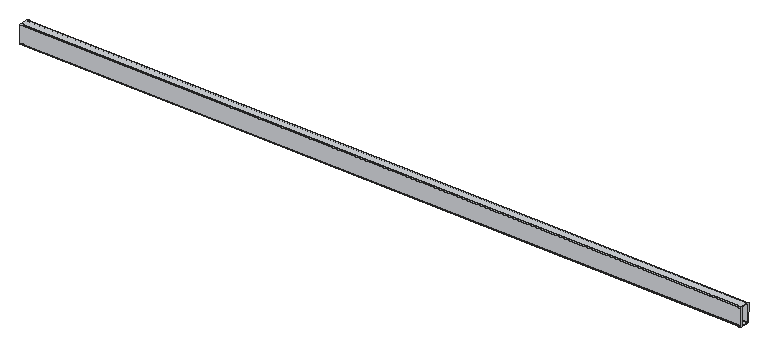
Revit family "CENTUM Profil XL 200 WST 8m L2D", category HLS-Bauteile, Revit 2023 (continued)
Nested families
  nested 274: "Langloch 14 x 65 2D" at (3640, 50, 150) x (-1, 0, 0) z (0, 1, 0), type "Langloch 14 x 65 2D", detail levels fine
  nested 275: "Langloch 14 x 65 2D" at (3640, 50, 50) x (-1, 0, 0) z (0, 1, 0), type "Langloch 14 x 65 2D", detail levels fine
  nested 276: "Langloch 14 x 65 2D" at (3640, 0, 0) x (-1, 0, 0) z (0, 0, -1), type "Langloch 14 x 65 2D", detail levels fine
  nested 277: "Langloch 14 x 65 2D" at (3720, 0, 200) x (-1, 0, 0) z (0, 0, 1), type "Langloch 14 x 65 2D", detail levels fine
  nested 278: "Langloch 14 x 65 2D" at (3720, -50, 150) x (-1, 0, 0) z (0, -1, 0), type "Langloch 14 x 65 2D", detail levels fine
  nested 279: "Langloch 14 x 65 2D" at (3720, -50, 50) x (-1, 0, 0) z (0, -1, 0), type "Langloch 14 x 65 2D", detail levels fine
  nested 280: "Langloch 14 x 65 2D" at (3720, 50, 150) x (-1, 0, 0) z (0, 1, 0), type "Langloch 14 x 65 2D", detail levels fine
  nested 281: "Langloch 14 x 65 2D" at (3720, 50, 50) x (-1, 0, 0) z (0, 1, 0), type "Langloch 14 x 65 2D", detail levels fine
  nested 282: "Langloch 14 x 65 2D" at (3720, 0, 0) x (-1, 0, 0) z (0, 0, -1), type "Langloch 14 x 65 2D", detail levels fine
  nested 283: "Langloch 14 x 65 2D" at (3800, 0, 200) x (-1, 0, 0) z (0, 0, 1), type "Langloch 14 x 65 2D", detail levels fine
  nested 284: "Langloch 14 x 65 2D" at (3800, -50, 150) x (-1, 0, 0) z (0, -1, 0), type "Langloch 14 x 65 2D", detail levels fine
  nested 285: "Langloch 14 x 65 2D" at (3800, -50, 50) x (-1, 0, 0) z (0, -1, 0), type "Langloch 14 x 65 2D", detail levels fine
  nested 286: "Langloch 14 x 65 2D" at (3800, 50, 150) x (-1, 0, 0) z (0, 1, 0), type "Langloch 14 x 65 2D", detail levels fine
  nested 287: "Langloch 14 x 65 2D" at (3800, 50, 50) x (-1, 0, 0) z (0, 1, 0), type "Langloch 14 x 65 2D", detail levels fine
  nested 288: "Langloch 14 x 65 2D" at (3800, 0, 0) x (-1, 0, 0) z (0, 0, -1), type "Langloch 14 x 65 2D", detail levels fine
  nested 289: "Langloch 14 x 65 2D" at (3880, 0, 200) x (-1, 0, 0) z (0, 0, 1), type "Langloch 14 x 65 2D", detail levels fine
  nested 290: "Langloch 14 x 65 2D" at (3880, -50, 150) x (-1, 0, 0) z (0, -1, 0), type "Langloch 14 x 65 2D", detail levels fine
  nested 291: "Langloch 14 x 65 2D" at (3880, -50, 50) x (-1, 0, 0) z (0, -1, 0), type "Langloch 14 x 65 2D", detail levels fine
  nested 292: "Langloch 14 x 65 2D" at (3880, 50, 150) x (-1, 0, 0) z (0, 1, 0), type "Langloch 14 x 65 2D", detail levels fine
  nested 293: "Langloch 14 x 65 2D" at (3880, 50, 50) x (-1, 0, 0) z (0, 1, 0), type "Langloch 14 x 65 2D", detail levels fine
  nested 294: "Langloch 14 x 65 2D" at (3880, 0, 0) x (-1, 0, 0) z (0, 0, -1), type "Langloch 14 x 65 2D", detail levels fine
  nested 295: "Langloch 14 x 65 2D" at (3960, 0, 200) x (-1, 0, 0) z (0, 0, 1), type "Langloch 14 x 65 2D", detail levels fine
  nested 296: "Langloch 14 x 65 2D" at (3960, -50, 150) x (-1, 0, 0) z (0, -1, 0), type "Langloch 14 x 65 2D", detail levels fine
  nested 297: "Langloch 14 x 65 2D" at (3960, -50, 50) x (-1, 0, 0) z (0, -1, 0), type "Langloch 14 x 65 2D", detail levels fine
  nested 298: "Langloch 14 x 65 2D" at (3960, 50, 150) x (-1, 0, 0) z (0, 1, 0), type "Langloch 14 x 65 2D", detail levels fine
  nested 299: "Langloch 14 x 65 2D" at (3960, 50, 50) x (-1, 0, 0) z (0, 1, 0), type "Langloch 14 x 65 2D", detail levels fine
  nested 300: "Langloch 14 x 65 2D" at (3960, 0, 0) x (-1, 0, 0) z (0, 0, -1), type "Langloch 14 x 65 2D", detail levels fine
  nested 301: "Langloch 14 x 65 2D" at (4040, 0, 200) x (-1, 0, 0) z (0, 0, 1), type "Langloch 14 x 65 2D", detail levels fine
  nested 302: "Langloch 14 x 65 2D" at (4040, -50, 150) x (-1, 0, 0) z (0, -1, 0), type "Langloch 14 x 65 2D", detail levels fine
  nested 303: "Langloch 14 x 65 2D" at (4040, -50, 50) x (-1, 0, 0) z (0, -1, 0), type "Langloch 14 x 65 2D", detail levels fine
  nested 304: "Langloch 14 x 65 2D" at (4040, 50, 150) x (-1, 0, 0) z (0, 1, 0), type "Langloch 14 x 65 2D", detail levels fine
  nested 305: "Langloch 14 x 65 2D" at (4040, 50, 50) x (-1, 0, 0) z (0, 1, 0), type "Langloch 14 x 65 2D", detail levels fine
  nested 306: "Langloch 14 x 65 2D" at (4040, 0, 0) x (-1, 0, 0) z (0, 0, -1), type "Langloch 14 x 65 2D", detail levels fine
  nested 307: "Langloch 14 x 65 2D" at (4120, 0, 200) x (-1, 0, 0) z (0, 0, 1), type "Langloch 14 x 65 2D", detail levels fine
  nested 308: "Langloch 14 x 65 2D" at (4120, -50, 150) x (-1, 0, 0) z (0, -1, 0), type "Langloch 14 x 65 2D", detail levels fine
  nested 309: "Langloch 14 x 65 2D" at (4120, -50, 50) x (-1, 0, 0) z (0, -1, 0), type "Langloch 14 x 65 2D", detail levels fine
  nested 310: "Langloch 14 x 65 2D" at (4120, 50, 150) x (-1, 0, 0) z (0, 1, 0), type "Langloch 14 x 65 2D", detail levels fine
  nested 311: "Langloch 14 x 65 2D" at (4120, 50, 50) x (-1, 0, 0) z (0, 1, 0), type "Langloch 14 x 65 2D", detail levels fine
  nested 312: "Langloch 14 x 65 2D" at (4120, 0, 0) x (-1, 0, 0) z (0, 0, -1), type "Langloch 14 x 65 2D", detail levels fine
  nested 313: "Langloch 14 x 65 2D" at (4200, 0, 200) x (-1, 0, 0) z (0, 0, 1), type "Langloch 14 x 65 2D", detail levels fine
  nested 314: "Langloch 14 x 65 2D" at (4200, -50, 150) x (-1, 0, 0) z (0, -1, 0), type "Langloch 14 x 65 2D", detail levels fine
  nested 315: "Langloch 14 x 65 2D" at (4200, -50, 50) x (-1, 0, 0) z (0, -1, 0), type "Langloch 14 x 65 2D", detail levels fine
  nested 316: "Langloch 14 x 65 2D" at (4200, 50, 150) x (-1, 0, 0) z (0, 1, 0), type "Langloch 14 x 65 2D", detail levels fine
  nested 317: "Langloch 14 x 65 2D" at (4200, 50, 50) x (-1, 0, 0) z (0, 1, 0), type "Langloch 14 x 65 2D", detail levels fine
  nested 318: "Langloch 14 x 65 2D" at (4200, 0, 0) x (-1, 0, 0) z (0, 0, -1), type "Langloch 14 x 65 2D", detail levels fine
  nested 319: "Langloch 14 x 65 2D" at (4280, 0, 200) x (-1, 0, 0) z (0, 0, 1), type "Langloch 14 x 65 2D", detail levels fine
  nested 320: "Langloch 14 x 65 2D" at (4280, -50, 150) x (-1, 0, 0) z (0, -1, 0), type "Langloch 14 x 65 2D", detail levels fine
  nested 321: "Langloch 14 x 65 2D" at (4280, -50, 50) x (-1, 0, 0) z (0, -1, 0), type "Langloch 14 x 65 2D", detail levels fine
  nested 322: "Langloch 14 x 65 2D" at (4280, 50, 150) x (-1, 0, 0) z (0, 1, 0), type "Langloch 14 x 65 2D", detail levels fine
  nested 323: "Langloch 14 x 65 2D" at (4280, 50, 50) x (-1, 0, 0) z (0, 1, 0), type "Langloch 14 x 65 2D", detail levels fine
  nested 324: "Langloch 14 x 65 2D" at (4280, 0, 0) x (-1, 0, 0) z (0, 0, -1), type "Langloch 14 x 65 2D", detail levels fine
  nested 325: "Langloch 14 x 65 2D" at (4360, 0, 200) x (-1, 0, 0) z (0, 0, 1), type "Langloch 14 x 65 2D", detail levels fine
  nested 326: "Langloch 14 x 65 2D" at (4360, -50, 150) x (-1, 0, 0) z (0, -1, 0), type "Langloch 14 x 65 2D", detail levels fine
  nested 327: "Langloch 14 x 65 2D" at (4360, -50, 50) x (-1, 0, 0) z (0, -1, 0), type "Langloch 14 x 65 2D", detail levels fine
  nested 328: "Langloch 14 x 65 2D" at (4360, 50, 150) x (-1, 0, 0) z (0, 1, 0), type "Langloch 14 x 65 2D", detail levels fine
  nested 329: "Langloch 14 x 65 2D" at (4360, 50, 50) x (-1, 0, 0) z (0, 1, 0), type "Langloch 14 x 65 2D", detail levels fine
  nested 330: "Langloch 14 x 65 2D" at (4360, 0, 0) x (-1, 0, 0) z (0, 0, -1), type "Langloch 14 x 65 2D", detail levels fine
  nested 331: "Langloch 14 x 65 2D" at (4440, 0, 200) x (-1, 0, 0) z (0, 0, 1), type "Langloch 14 x 65 2D", detail levels fine
  nested 332: "Langloch 14 x 65 2D" at (4440, -50, 150) x (-1, 0, 0) z (0, -1, 0), type "Langloch 14 x 65 2D", detail levels fine
  nested 333: "Langloch 14 x 65 2D" at (4440, -50, 50) x (-1, 0, 0) z (0, -1, 0), type "Langloch 14 x 65 2D", detail levels fine
  nested 334: "Langloch 14 x 65 2D" at (4440, 50, 150) x (-1, 0, 0) z (0, 1, 0), type "Langloch 14 x 65 2D", detail levels fine
  nested 335: "Langloch 14 x 65 2D" at (4440, 50, 50) x (-1, 0, 0) z (0, 1, 0), type "Langloch 14 x 65 2D", detail levels fine
  nested 336: "Langloch 14 x 65 2D" at (4440, 0, 0) x (-1, 0, 0) z (0, 0, -1), type "Langloch 14 x 65 2D", detail levels fine
  nested 337: "Langloch 14 x 65 2D" at (4520, 0, 200) x (-1, 0, 0) z (0, 0, 1), type "Langloch 14 x 65 2D", detail levels fine
  nested 338: "Langloch 14 x 65 2D" at (4520, -50, 150) x (-1, 0, 0) z (0, -1, 0), type "Langloch 14 x 65 2D", detail levels fine
  nested 339: "Langloch 14 x 65 2D" at (4520, -50, 50) x (-1, 0, 0) z (0, -1, 0), type "Langloch 14 x 65 2D", detail levels fine
  nested 340: "Langloch 14 x 65 2D" at (4520, 50, 150) x (-1, 0, 0) z (0, 1, 0), type "Langloch 14 x 65 2D", detail levels fine
  nested 341: "Langloch 14 x 65 2D" at (4520, 50, 50) x (-1, 0, 0) z (0, 1, 0), type "Langloch 14 x 65 2D", detail levels fine
  nested 342: "Langloch 14 x 65 2D" at (4520, 0, 0) x (-1, 0, 0) z (0, 0, -1), type "Langloch 14 x 65 2D", detail levels fine
  nested 343: "Langloch 14 x 65 2D" at (4600, 0, 200) x (-1, 0, 0) z (0, 0, 1), type "Langloch 14 x 65 2D", detail levels fine
  nested 344: "Langloch 14 x 65 2D" at (4600, -50, 150) x (-1, 0, 0) z (0, -1, 0), type "Langloch 14 x 65 2D", detail levels fine
  nested 345: "Langloch 14 x 65 2D" at (4600, -50, 50) x (-1, 0, 0) z (0, -1, 0), type "Langloch 14 x 65 2D", detail levels fine
  nested 346: "Langloch 14 x 65 2D" at (4600, 50, 150) x (-1, 0, 0) z (0, 1, 0), type "Langloch 14 x 65 2D", detail levels fine
  nested 347: "Langloch 14 x 65 2D" at (4600, 50, 50) x (-1, 0, 0) z (0, 1, 0), type "Langloch 14 x 65 2D", detail levels fine
  nested 348: "Langloch 14 x 65 2D" at (4600, 0, 0) x (-1, 0, 0) z (0, 0, -1), type "Langloch 14 x 65 2D", detail levels fine
  nested 349: "Langloch 14 x 65 2D" at (4680, 0, 200) x (-1, 0, 0) z (0, 0, 1), type "Langloch 14 x 65 2D", detail levels fine
  nested 350: "Langloch 14 x 65 2D" at (4680, -50, 150) x (-1, 0, 0) z (0, -1, 0), type "Langloch 14 x 65 2D", detail levels fine
  nested 351: "Langloch 14 x 65 2D" at (4680, -50, 50) x (-1, 0, 0) z (0, -1, 0), type "Langloch 14 x 65 2D", detail levels fine
  nested 352: "Langloch 14 x 65 2D" at (4680, 50, 150) x (-1, 0, 0) z (0, 1, 0), type "Langloch 14 x 65 2D", detail levels fine
  nested 353: "Langloch 14 x 65 2D" at (4680, 50, 50) x (-1, 0, 0) z (0, 1, 0), type "Langloch 14 x 65 2D", detail levels fine
  nested 354: "Langloch 14 x 65 2D" at (4680, 0, 0) x (-1, 0, 0) z (0, 0, -1), type "Langloch 14 x 65 2D", detail levels fine
  nested 355: "Langloch 14 x 65 2D" at (4760, 0, 200) x (-1, 0, 0) z (0, 0, 1), type "Langloch 14 x 65 2D", detail levels fine
  nested 356: "Langloch 14 x 65 2D" at (4760, -50, 150) x (-1, 0, 0) z (0, -1, 0), type "Langloch 14 x 65 2D", detail levels fine
  nested 357: "Langloch 14 x 65 2D" at (4760, -50, 50) x (-1, 0, 0) z (0, -1, 0), type "Langloch 14 x 65 2D", detail levels fine
  nested 358: "Langloch 14 x 65 2D" at (4760, 50, 150) x (-1, 0, 0) z (0, 1, 0), type "Langloch 14 x 65 2D", detail levels fine
  nested 359: "Langloch 14 x 65 2D" at (4760, 50, 50) x (-1, 0, 0) z (0, 1, 0), type "Langloch 14 x 65 2D", detail levels fine
  nested 360: "Langloch 14 x 65 2D" at (4760, 0, 0) x (-1, 0, 0) z (0, 0, -1), type "Langloch 14 x 65 2D", detail levels fine
  nested 361: "Langloch 14 x 65 2D" at (4840, 0, 200) x (-1, 0, 0) z (0, 0, 1), type "Langloch 14 x 65 2D", detail levels fine
  nested 362: "Langloch 14 x 65 2D" at (4840, -50, 150) x (-1, 0, 0) z (0, -1, 0), type "Langloch 14 x 65 2D", detail levels fine
  nested 363: "Langloch 14 x 65 2D" at (4840, -50, 50) x (-1, 0, 0) z (0, -1, 0), type "Langloch 14 x 65 2D", detail levels fine
  nested 364: "Langloch 14 x 65 2D" at (4840, 50, 150) x (-1, 0, 0) z (0, 1, 0), type "Langloch 14 x 65 2D", detail levels fine
  nested 365: "Langloch 14 x 65 2D" at (4840, 50, 50) x (-1, 0, 0) z (0, 1, 0), type "Langloch 14 x 65 2D", detail levels fine
  nested 366: "Langloch 14 x 65 2D" at (4840, 0, 0) x (-1, 0, 0) z (0, 0, -1), type "Langloch 14 x 65 2D", detail levels fine
  nested 367: "Langloch 14 x 65 2D" at (4920, 0, 200) x (-1, 0, 0) z (0, 0, 1), type "Langloch 14 x 65 2D", detail levels fine
  nested 368: "Langloch 14 x 65 2D" at (4920, -50, 150) x (-1, 0, 0) z (0, -1, 0), type "Langloch 14 x 65 2D", detail levels fine
  nested 369: "Langloch 14 x 65 2D" at (4920, -50, 50) x (-1, 0, 0) z (0, -1, 0), type "Langloch 14 x 65 2D", detail levels fine
  nested 370: "Langloch 14 x 65 2D" at (4920, 50, 150) x (-1, 0, 0) z (0, 1, 0), type "Langloch 14 x 65 2D", detail levels fine
  nested 371: "Langloch 14 x 65 2D" at (4920, 50, 50) x (-1, 0, 0) z (0, 1, 0), type "Langloch 14 x 65 2D", detail levels fine
  nested 372: "Langloch 14 x 65 2D" at (4920, 0, 0) x (-1, 0, 0) z (0, 0, -1), type "Langloch 14 x 65 2D", detail levels fine
  nested 373: "Langloch 14 x 65 2D" at (5000, 0, 200) x (-1, 0, 0) z (0, 0, 1), type "Langloch 14 x 65 2D", detail levels fine
  nested 374: "Langloch 14 x 65 2D" at (5000, -50, 150) x (-1, 0, 0) z (0, -1, 0), type "Langloch 14 x 65 2D", detail levels fine
  nested 375: "Langloch 14 x 65 2D" at (5000, -50, 50) x (-1, 0, 0) z (0, -1, 0), type "Langloch 14 x 65 2D", detail levels fine
  nested 376: "Langloch 14 x 65 2D" at (5000, 50, 150) x (-1, 0, 0) z (0, 1, 0), type "Langloch 14 x 65 2D", detail levels fine
  nested 377: "Langloch 14 x 65 2D" at (5000, 50, 50) x (-1, 0, 0) z (0, 1, 0), type "Langloch 14 x 65 2D", detail levels fine
  nested 378: "Langloch 14 x 65 2D" at (5000, 0, 0) x (-1, 0, 0) z (0, 0, -1), type "Langloch 14 x 65 2D", detail levels fine
  nested 379: "Langloch 14 x 65 2D" at (5080, 0, 200) x (-1, 0, 0) z (0, 0, 1), type "Langloch 14 x 65 2D", detail levels fine
  nested 380: "Langloch 14 x 65 2D" at (5080, -50, 150) x (-1, 0, 0) z (0, -1, 0), type "Langloch 14 x 65 2D", detail levels fine
  nested 381: "Langloch 14 x 65 2D" at (5080, -50, 50) x (-1, 0, 0) z (0, -1, 0), type "Langloch 14 x 65 2D", detail levels fine
  nested 382: "Langloch 14 x 65 2D" at (5080, 50, 150) x (-1, 0, 0) z (0, 1, 0), type "Langloch 14 x 65 2D", detail levels fine
  nested 383: "Langloch 14 x 65 2D" at (5080, 50, 50) x (-1, 0, 0) z (0, 1, 0), type "Langloch 14 x 65 2D", detail levels fine
  nested 384: "Langloch 14 x 65 2D" at (5080, 0, 0) x (-1, 0, 0) z (0, 0, -1), type "Langloch 14 x 65 2D", detail levels fine
  nested 385: "Langloch 14 x 65 2D" at (5160, 0, 200) x (-1, 0, 0) z (0, 0, 1), type "Langloch 14 x 65 2D", detail levels fine
  nested 386: "Langloch 14 x 65 2D" at (5160, -50, 150) x (-1, 0, 0) z (0, -1, 0), type "Langloch 14 x 65 2D", detail levels fine
  nested 387: "Langloch 14 x 65 2D" at (5160, -50, 50) x (-1, 0, 0) z (0, -1, 0), type "Langloch 14 x 65 2D", detail levels fine
  nested 388: "Langloch 14 x 65 2D" at (5160, 50, 150) x (-1, 0, 0) z (0, 1, 0), type "Langloch 14 x 65 2D", detail levels fine
  nested 389: "Langloch 14 x 65 2D" at (5160, 50, 50) x (-1, 0, 0) z (0, 1, 0), type "Langloch 14 x 65 2D", detail levels fine
  nested 390: "Langloch 14 x 65 2D" at (5160, 0, 0) x (-1, 0, 0) z (0, 0, -1), type "Langloch 14 x 65 2D", detail levels fine
  nested 391: "Langloch 14 x 65 2D" at (5240, 0, 200) x (-1, 0, 0) z (0, 0, 1), type "Langloch 14 x 65 2D", detail levels fine
  nested 392: "Langloch 14 x 65 2D" at (5240, -50, 150) x (-1, 0, 0) z (0, -1, 0), type "Langloch 14 x 65 2D", detail levels fine
  nested 393: "Langloch 14 x 65 2D" at (5240, -50, 50) x (-1, 0, 0) z (0, -1, 0), type "Langloch 14 x 65 2D", detail levels fine
  nested 394: "Langloch 14 x 65 2D" at (5240, 50, 150) x (-1, 0, 0) z (0, 1, 0), type "Langloch 14 x 65 2D", detail levels fine
  nested 395: "Langloch 14 x 65 2D" at (5240, 50, 50) x (-1, 0, 0) z (0, 1, 0), type "Langloch 14 x 65 2D", detail levels fine
  nested 396: "Langloch 14 x 65 2D" at (5240, 0, 0) x (-1, 0, 0) z (0, 0, -1), type "Langloch 14 x 65 2D", detail levels fine
  nested 397: "Langloch 14 x 65 2D" at (5320, 0, 200) x (-1, 0, 0) z (0, 0, 1), type "Langloch 14 x 65 2D", detail levels fine
  nested 398: "Langloch 14 x 65 2D" at (5320, -50, 150) x (-1, 0, 0) z (0, -1, 0), type "Langloch 14 x 65 2D", detail levels fine
  nested 399: "Langloch 14 x 65 2D" at (5320, -50, 50) x (-1, 0, 0) z (0, -1, 0), type "Langloch 14 x 65 2D", detail levels fine
  nested 400: "Langloch 14 x 65 2D" at (5320, 50, 150) x (-1, 0, 0) z (0, 1, 0), type "Langloch 14 x 65 2D", detail levels fine
  nested 401: "Langloch 14 x 65 2D" at (5320, 50, 50) x (-1, 0, 0) z (0, 1, 0), type "Langloch 14 x 65 2D", detail levels fine
  nested 402: "Langloch 14 x 65 2D" at (5320, 0, 0) x (-1, 0, 0) z (0, 0, -1), type "Langloch 14 x 65 2D", detail levels fine
  nested 403: "Langloch 14 x 65 2D" at (5400, 0, 200) x (-1, 0, 0) z (0, 0, 1), type "Langloch 14 x 65 2D", detail levels fine
  nested 404: "Langloch 14 x 65 2D" at (5400, -50, 150) x (-1, 0, 0) z (0, -1, 0), type "Langloch 14 x 65 2D", detail levels fine
  nested 405: "Langloch 14 x 65 2D" at (5400, -50, 50) x (-1, 0, 0) z (0, -1, 0), type "Langloch 14 x 65 2D", detail levels fine
  nested 406: "Langloch 14 x 65 2D" at (5400, 50, 150) x (-1, 0, 0) z (0, 1, 0), type "Langloch 14 x 65 2D", detail levels fine
  nested 407: "Langloch 14 x 65 2D" at (5400, 50, 50) x (-1, 0, 0) z (0, 1, 0), type "Langloch 14 x 65 2D", detail levels fine
  nested 408: "Langloch 14 x 65 2D" at (5400, 0, 0) x (-1, 0, 0) z (0, 0, -1), type "Langloch 14 x 65 2D", detail levels fine
  nested 409: "Langloch 14 x 65 2D" at (5480, 0, 200) x (-1, 0, 0) z (0, 0, 1), type "Langloch 14 x 65 2D", detail levels fine
  nested 410: "Langloch 14 x 65 2D" at (5480, -50, 150) x (-1, 0, 0) z (0, -1, 0), type "Langloch 14 x 65 2D", detail levels fine
  nested 411: "Langloch 14 x 65 2D" at (5480, -50, 50) x (-1, 0, 0) z (0, -1, 0), type "Langloch 14 x 65 2D", detail levels fine
  nested 412: "Langloch 14 x 65 2D" at (5480, 50, 150) x (-1, 0, 0) z (0, 1, 0), type "Langloch 14 x 65 2D", detail levels fine
  nested 413: "Langloch 14 x 65 2D" at (5480, 50, 50) x (-1, 0, 0) z (0, 1, 0), type "Langloch 14 x 65 2D", detail levels fine
  nested 414: "Langloch 14 x 65 2D" at (5480, 0, 0) x (-1, 0, 0) z (0, 0, -1), type "Langloch 14 x 65 2D", detail levels fine
  nested 415: "Langloch 14 x 65 2D" at (5560, 0, 200) x (-1, 0, 0) z (0, 0, 1), type "Langloch 14 x 65 2D", detail levels fine
  nested 416: "Langloch 14 x 65 2D" at (5560, -50, 150) x (-1, 0, 0) z (0, -1, 0), type "Langloch 14 x 65 2D", detail levels fine
  nested 417: "Langloch 14 x 65 2D" at (5560, -50, 50) x (-1, 0, 0) z (0, -1, 0), type "Langloch 14 x 65 2D", detail levels fine
  nested 418: "Langloch 14 x 65 2D" at (5560, 50, 150) x (-1, 0, 0) z (0, 1, 0), type "Langloch 14 x 65 2D", detail levels fine
  nested 419: "Langloch 14 x 65 2D" at (5560, 50, 50) x (-1, 0, 0) z (0, 1, 0), type "Langloch 14 x 65 2D", detail levels fine
  nested 420: "Langloch 14 x 65 2D" at (5560, 0, 0) x (-1, 0, 0) z (0, 0, -1), type "Langloch 14 x 65 2D", detail levels fine
  nested 421: "Langloch 14 x 65 2D" at (5640, 0, 200) x (-1, 0, 0) z (0, 0, 1), type "Langloch 14 x 65 2D", detail levels fine
  nested 422: "Langloch 14 x 65 2D" at (5640, -50, 150) x (-1, 0, 0) z (0, -1, 0), type "Langloch 14 x 65 2D", detail levels fine
  nested 423: "Langloch 14 x 65 2D" at (5640, -50, 50) x (-1, 0, 0) z (0, -1, 0), type "Langloch 14 x 65 2D", detail levels fine
  nested 424: "Langloch 14 x 65 2D" at (5640, 50, 150) x (-1, 0, 0) z (0, 1, 0), type "Langloch 14 x 65 2D", detail levels fine
  nested 425: "Langloch 14 x 65 2D" at (5640, 50, 50) x (-1, 0, 0) z (0, 1, 0), type "Langloch 14 x 65 2D", detail levels fine
  nested 426: "Langloch 14 x 65 2D" at (5640, 0, 0) x (-1, 0, 0) z (0, 0, -1), type "Langloch 14 x 65 2D", detail levels fine
  nested 427: "Langloch 14 x 65 2D" at (5720, 0, 200) x (-1, 0, 0) z (0, 0, 1), type "Langloch 14 x 65 2D", detail levels fine
  nested 428: "Langloch 14 x 65 2D" at (5720, -50, 150) x (-1, 0, 0) z (0, -1, 0), type "Langloch 14 x 65 2D", detail levels fine
  nested 429: "Langloch 14 x 65 2D" at (5720, -50, 50) x (-1, 0, 0) z (0, -1, 0), type "Langloch 14 x 65 2D", detail levels fine
  nested 430: "Langloch 14 x 65 2D" at (5720, 50, 150) x (-1, 0, 0) z (0, 1, 0), type "Langloch 14 x 65 2D", detail levels fine
  nested 431: "Langloch 14 x 65 2D" at (5720, 50, 50) x (-1, 0, 0) z (0, 1, 0), type "Langloch 14 x 65 2D", detail levels fine
  nested 432: "Langloch 14 x 65 2D" at (5720, 0, 0) x (-1, 0, 0) z (0, 0, -1), type "Langloch 14 x 65 2D", detail levels fine
  nested 433: "Langloch 14 x 65 2D" at (5800, 0, 200) x (-1, 0, 0) z (0, 0, 1), type "Langloch 14 x 65 2D", detail levels fine
  nested 434: "Langloch 14 x 65 2D" at (5800, -50, 150) x (-1, 0, 0) z (0, -1, 0), type "Langloch 14 x 65 2D", detail levels fine
  nested 435: "Langloch 14 x 65 2D" at (5800, -50, 50) x (-1, 0, 0) z (0, -1, 0), type "Langloch 14 x 65 2D", detail levels fine
  nested 436: "Langloch 14 x 65 2D" at (5800, 50, 150) x (-1, 0, 0) z (0, 1, 0), type "Langloch 14 x 65 2D", detail levels fine
  nested 437: "Langloch 14 x 65 2D" at (5800, 50, 50) x (-1, 0, 0) z (0, 1, 0), type "Langloch 14 x 65 2D", detail levels fine
  nested 438: "Langloch 14 x 65 2D" at (5800, 0, 0) x (-1, 0, 0) z (0, 0, -1), type "Langloch 14 x 65 2D", detail levels fine
  nested 439: "Langloch 14 x 65 2D" at (5880, 0, 200) x (-1, 0, 0) z (0, 0, 1), type "Langloch 14 x 65 2D", detail levels fine
  nested 440: "Langloch 14 x 65 2D" at (5880, -50, 150) x (-1, 0, 0) z (0, -1, 0), type "Langloch 14 x 65 2D", detail levels fine
  nested 441: "Langloch 14 x 65 2D" at (5880, -50, 50) x (-1, 0, 0) z (0, -1, 0), type "Langloch 14 x 65 2D", detail levels fine
  nested 442: "Langloch 14 x 65 2D" at (5880, 50, 150) x (-1, 0, 0) z (0, 1, 0), type "Langloch 14 x 65 2D", detail levels fine
  nested 443: "Langloch 14 x 65 2D" at (5880, 50, 50) x (-1, 0, 0) z (0, 1, 0), type "Langloch 14 x 65 2D", detail levels fine
  nested 444: "Langloch 14 x 65 2D" at (5880, 0, 0) x (-1, 0, 0) z (0, 0, -1), type "Langloch 14 x 65 2D", detail levels fine
  nested 445: "Langloch 14 x 65 2D" at (5960, 0, 200) x (-1, 0, 0) z (0, 0, 1), type "Langloch 14 x 65 2D", detail levels fine
  nested 446: "Langloch 14 x 65 2D" at (5960, -50, 150) x (-1, 0, 0) z (0, -1, 0), type "Langloch 14 x 65 2D", detail levels fine
  nested 447: "Langloch 14 x 65 2D" at (5960, -50, 50) x (-1, 0, 0) z (0, -1, 0), type "Langloch 14 x 65 2D", detail levels fine
  nested 448: "Langloch 14 x 65 2D" at (5960, 50, 150) x (-1, 0, 0) z (0, 1, 0), type "Langloch 14 x 65 2D", detail levels fine
  nested 449: "Langloch 14 x 65 2D" at (5960, 50, 50) x (-1, 0, 0) z (0, 1, 0), type "Langloch 14 x 65 2D", detail levels fine
  nested 450: "Langloch 14 x 65 2D" at (5960, 0, 0) x (-1, 0, 0) z (0, 0, -1), type "Langloch 14 x 65 2D", detail levels fine
  nested 451: "Langloch 14 x 65 2D" at (6040, 0, 200) x (-1, 0, 0) z (0, 0, 1), type "Langloch 14 x 65 2D", detail levels fine
  nested 452: "Langloch 14 x 65 2D" at (6040, -50, 150) x (-1, 0, 0) z (0, -1, 0), type "Langloch 14 x 65 2D", detail levels fine
  nested 453: "Langloch 14 x 65 2D" at (6040, -50, 50) x (-1, 0, 0) z (0, -1, 0), type "Langloch 14 x 65 2D", detail levels fine
  nested 454: "Langloch 14 x 65 2D" at (6040, 50, 150) x (-1, 0, 0) z (0, 1, 0), type "Langloch 14 x 65 2D", detail levels fine
  nested 455: "Langloch 14 x 65 2D" at (6040, 50, 50) x (-1, 0, 0) z (0, 1, 0), type "Langloch 14 x 65 2D", detail levels fine
  nested 456: "Langloch 14 x 65 2D" at (6040, 0, 0) x (-1, 0, 0) z (0, 0, -1), type "Langloch 14 x 65 2D", detail levels fine
  nested 457: "Langloch 14 x 65 2D" at (6120, 0, 200) x (-1, 0, 0) z (0, 0, 1), type "Langloch 14 x 65 2D", detail levels fine
  nested 458: "Langloch 14 x 65 2D" at (6120, -50, 150) x (-1, 0, 0) z (0, -1, 0), type "Langloch 14 x 65 2D", detail levels fine
  nested 459: "Langloch 14 x 65 2D" at (6120, -50, 50) x (-1, 0, 0) z (0, -1, 0), type "Langloch 14 x 65 2D", detail levels fine
  nested 460: "Langloch 14 x 65 2D" at (6120, 50, 150) x (-1, 0, 0) z (0, 1, 0), type "Langloch 14 x 65 2D", detail levels fine
  nested 461: "Langloch 14 x 65 2D" at (6120, 50, 50) x (-1, 0, 0) z (0, 1, 0), type "Langloch 14 x 65 2D", detail levels fine
  nested 462: "Langloch 14 x 65 2D" at (6120, 0, 0) x (-1, 0, 0) z (0, 0, -1), type "Langloch 14 x 65 2D", detail levels fine
  nested 463: "Langloch 14 x 65 2D" at (6200, 0, 200) x (-1, 0, 0) z (0, 0, 1), type "Langloch 14 x 65 2D", detail levels fine
  nested 464: "Langloch 14 x 65 2D" at (6200, -50, 150) x (-1, 0, 0) z (0, -1, 0), type "Langloch 14 x 65 2D", detail levels fine
  nested 465: "Langloch 14 x 65 2D" at (6200, -50, 50) x (-1, 0, 0) z (0, -1, 0), type "Langloch 14 x 65 2D", detail levels fine
  nested 466: "Langloch 14 x 65 2D" at (6200, 50, 150) x (-1, 0, 0) z (0, 1, 0), type "Langloch 14 x 65 2D", detail levels fine
  nested 467: "Langloch 14 x 65 2D" at (6200, 50, 50) x (-1, 0, 0) z (0, 1, 0), type "Langloch 14 x 65 2D", detail levels fine
  nested 468: "Langloch 14 x 65 2D" at (6200, 0, 0) x (-1, 0, 0) z (0, 0, -1), type "Langloch 14 x 65 2D", detail levels fine
  nested 469: "Langloch 14 x 65 2D" at (6280, 0, 200) x (-1, 0, 0) z (0, 0, 1), type "Langloch 14 x 65 2D", detail levels fine
  nested 470: "Langloch 14 x 65 2D" at (6280, -50, 150) x (-1, 0, 0) z (0, -1, 0), type "Langloch 14 x 65 2D", detail levels fine
  nested 471: "Langloch 14 x 65 2D" at (6280, -50, 50) x (-1, 0, 0) z (0, -1, 0), type "Langloch 14 x 65 2D", detail levels fine
  nested 472: "Langloch 14 x 65 2D" at (6280, 50, 150) x (-1, 0, 0) z (0, 1, 0), type "Langloch 14 x 65 2D", detail levels fine
  nested 473: "Langloch 14 x 65 2D" at (6280, 50, 50) x (-1, 0, 0) z (0, 1, 0), type "Langloch 14 x 65 2D", detail levels fine
  nested 474: "Langloch 14 x 65 2D" at (6280, 0, 0) x (-1, 0, 0) z (0, 0, -1), type "Langloch 14 x 65 2D", detail levels fine
  nested 475: "Langloch 14 x 65 2D" at (6360, 0, 200) x (-1, 0, 0) z (0, 0, 1), type "Langloch 14 x 65 2D", detail levels fine
  nested 476: "Langloch 14 x 65 2D" at (6360, -50, 150) x (-1, 0, 0) z (0, -1, 0), type "Langloch 14 x 65 2D", detail levels fine
  nested 477: "Langloch 14 x 65 2D" at (6360, -50, 50) x (-1, 0, 0) z (0, -1, 0), type "Langloch 14 x 65 2D", detail levels fine
  nested 478: "Langloch 14 x 65 2D" at (6360, 50, 150) x (-1, 0, 0) z (0, 1, 0), type "Langloch 14 x 65 2D", detail levels fine
  nested 479: "Langloch 14 x 65 2D" at (6360, 50, 50) x (-1, 0, 0) z (0, 1, 0), type "Langloch 14 x 65 2D", detail levels fine
  nested 480: "Langloch 14 x 65 2D" at (6360, 0, 0) x (-1, 0, 0) z (0, 0, -1), type "Langloch 14 x 65 2D", detail levels fine
  nested 481: "Langloch 14 x 65 2D" at (6440, 0, 200) x (-1, 0, 0) z (0, 0, 1), type "Langloch 14 x 65 2D", detail levels fine
  nested 482: "Langloch 14 x 65 2D" at (6440, -50, 150) x (-1, 0, 0) z (0, -1, 0), type "Langloch 14 x 65 2D", detail levels fine
  nested 483: "Langloch 14 x 65 2D" at (6440, -50, 50) x (-1, 0, 0) z (0, -1, 0), type "Langloch 14 x 65 2D", detail levels fine
  nested 484: "Langloch 14 x 65 2D" at (6440, 50, 150) x (-1, 0, 0) z (0, 1, 0), type "Langloch 14 x 65 2D", detail levels fine
  nested 485: "Langloch 14 x 65 2D" at (6440, 50, 50) x (-1, 0, 0) z (0, 1, 0), type "Langloch 14 x 65 2D", detail levels fine
  nested 486: "Langloch 14 x 65 2D" at (6440, 0, 0) x (-1, 0, 0) z (0, 0, -1), type "Langloch 14 x 65 2D", detail levels fine
  nested 487: "Langloch 14 x 65 2D" at (6520, 0, 200) x (-1, 0, 0) z (0, 0, 1), type "Langloch 14 x 65 2D", detail levels fine
  nested 488: "Langloch 14 x 65 2D" at (6520, -50, 150) x (-1, 0, 0) z (0, -1, 0), type "Langloch 14 x 65 2D", detail levels fine
  nested 489: "Langloch 14 x 65 2D" at (6520, -50, 50) x (-1, 0, 0) z (0, -1, 0), type "Langloch 14 x 65 2D", detail levels fine
  nested 490: "Langloch 14 x 65 2D" at (6520, 50, 150) x (-1, 0, 0) z (0, 1, 0), type "Langloch 14 x 65 2D", detail levels fine
  nested 491: "Langloch 14 x 65 2D" at (6520, 50, 50) x (-1, 0, 0) z (0, 1, 0), type "Langloch 14 x 65 2D", detail levels fine
  nested 492: "Langloch 14 x 65 2D" at (6520, 0, 0) x (-1, 0, 0) z (0, 0, -1), type "Langloch 14 x 65 2D", detail levels fine
  nested 493: "Langloch 14 x 65 2D" at (6600, 0, 200) x (-1, 0, 0) z (0, 0, 1), type "Langloch 14 x 65 2D", detail levels fine
  nested 494: "Langloch 14 x 65 2D" at (6600, -50, 150) x (-1, 0, 0) z (0, -1, 0), type "Langloch 14 x 65 2D", detail levels fine
  nested 495: "Langloch 14 x 65 2D" at (6600, -50, 50) x (-1, 0, 0) z (0, -1, 0), type "Langloch 14 x 65 2D", detail levels fine
  nested 496: "Langloch 14 x 65 2D" at (6600, 50, 150) x (-1, 0, 0) z (0, 1, 0), type "Langloch 14 x 65 2D", detail levels fine
  nested 497: "Langloch 14 x 65 2D" at (6600, 50, 50) x (-1, 0, 0) z (0, 1, 0), type "Langloch 14 x 65 2D", detail levels fine
  nested 498: "Langloch 14 x 65 2D" at (6600, 0, 0) x (-1, 0, 0) z (0, 0, -1), type "Langloch 14 x 65 2D", detail levels fine
  nested 499: "Langloch 14 x 65 2D" at (6680, 0, 200) x (-1, 0, 0) z (0, 0, 1), type "Langloch 14 x 65 2D", detail levels fine
  nested 500: "Langloch 14 x 65 2D" at (6680, -50, 150) x (-1, 0, 0) z (0, -1, 0), type "Langloch 14 x 65 2D", detail levels fine
  nested 501: "Langloch 14 x 65 2D" at (6680, -50, 50) x (-1, 0, 0) z (0, -1, 0), type "Langloch 14 x 65 2D", detail levels fine
  nested 502: "Langloch 14 x 65 2D" at (6680, 50, 150) x (-1, 0, 0) z (0, 1, 0), type "Langloch 14 x 65 2D", detail levels fine
  nested 503: "Langloch 14 x 65 2D" at (6680, 50, 50) x (-1, 0, 0) z (0, 1, 0), type "Langloch 14 x 65 2D", detail levels fine
  nested 504: "Langloch 14 x 65 2D" at (6680, 0, 0) x (-1, 0, 0) z (0, 0, -1), type "Langloch 14 x 65 2D", detail levels fine
  nested 505: "Langloch 14 x 65 2D" at (6760, 0, 200) x (-1, 0, 0) z (0, 0, 1), type "Langloch 14 x 65 2D", detail levels fine
  nested 506: "Langloch 14 x 65 2D" at (6760, -50, 150) x (-1, 0, 0) z (0, -1, 0), type "Langloch 14 x 65 2D", detail levels fine
  nested 507: "Langloch 14 x 65 2D" at (6760, -50, 50) x (-1, 0, 0) z (0, -1, 0), type "Langloch 14 x 65 2D", detail levels fine
  nested 508: "Langloch 14 x 65 2D" at (6760, 50, 150) x (-1, 0, 0) z (0, 1, 0), type "Langloch 14 x 65 2D", detail levels fine
  nested 509: "Langloch 14 x 65 2D" at (6760, 50, 50) x (-1, 0, 0) z (0, 1, 0), type "Langloch 14 x 65 2D", detail levels fine
  nested 510: "Langloch 14 x 65 2D" at (6760, 0, 0) x (-1, 0, 0) z (0, 0, -1), type "Langloch 14 x 65 2D", detail levels fine
  nested 511: "Langloch 14 x 65 2D" at (6840, 0, 200) x (-1, 0, 0) z (0, 0, 1), type "Langloch 14 x 65 2D", detail levels fine
  nested 512: "Langloch 14 x 65 2D" at (6840, -50, 150) x (-1, 0, 0) z (0, -1, 0), type "Langloch 14 x 65 2D", detail levels fine
  nested 513: "Langloch 14 x 65 2D" at (6840, -50, 50) x (-1, 0, 0) z (0, -1, 0), type "Langloch 14 x 65 2D", detail levels fine
  nested 514: "Langloch 14 x 65 2D" at (6840, 50, 150) x (-1, 0, 0) z (0, 1, 0), type "Langloch 14 x 65 2D", detail levels fine
  nested 515: "Langloch 14 x 65 2D" at (6840, 50, 50) x (-1, 0, 0) z (0, 1, 0), type "Langloch 14 x 65 2D", detail levels fine
  nested 516: "Langloch 14 x 65 2D" at (6840, 0, 0) x (-1, 0, 0) z (0, 0, -1), type "Langloch 14 x 65 2D", detail levels fine
  nested 517: "Langloch 14 x 65 2D" at (6920, 0, 200) x (-1, 0, 0) z (0, 0, 1), type "Langloch 14 x 65 2D", detail levels fine
  nested 518: "Langloch 14 x 65 2D" at (6920, -50, 150) x (-1, 0, 0) z (0, -1, 0), type "Langloch 14 x 65 2D", detail levels fine
  nested 519: "Langloch 14 x 65 2D" at (6920, -50, 50) x (-1, 0, 0) z (0, -1, 0), type "Langloch 14 x 65 2D", detail levels fine
  nested 520: "Langloch 14 x 65 2D" at (6920, 50, 150) x (-1, 0, 0) z (0, 1, 0), type "Langloch 14 x 65 2D", detail levels fine
  nested 521: "Langloch 14 x 65 2D" at (6920, 50, 50) x (-1, 0, 0) z (0, 1, 0), type "Langloch 14 x 65 2D", detail levels fine
  nested 522: "Langloch 14 x 65 2D" at (6920, 0, 0) x (-1, 0, 0) z (0, 0, -1), type "Langloch 14 x 65 2D", detail levels fine
  nested 523: "Langloch 14 x 65 2D" at (7000, 0, 200) x (-1, 0, 0) z (0, 0, 1), type "Langloch 14 x 65 2D", detail levels fine
  nested 524: "Langloch 14 x 65 2D" at (7000, -50, 150) x (-1, 0, 0) z (0, -1, 0), type "Langloch 14 x 65 2D", detail levels fine
  nested 525: "Langloch 14 x 65 2D" at (7000, -50, 50) x (-1, 0, 0) z (0, -1, 0), type "Langloch 14 x 65 2D", detail levels fine
  nested 526: "Langloch 14 x 65 2D" at (7000, 50, 150) x (-1, 0, 0) z (0, 1, 0), type "Langloch 14 x 65 2D", detail levels fine
  nested 527: "Langloch 14 x 65 2D" at (7000, 50, 50) x (-1, 0, 0) z (0, 1, 0), type "Langloch 14 x 65 2D", detail levels fine
  nested 528: "Langloch 14 x 65 2D" at (7000, 0, 0) x (-1, 0, 0) z (0, 0, -1), type "Langloch 14 x 65 2D", detail levels fine
  nested 529: "Langloch 14 x 65 2D" at (7080, 0, 200) x (-1, 0, 0) z (0, 0, 1), type "Langloch 14 x 65 2D", detail levels fine
  nested 530: "Langloch 14 x 65 2D" at (7080, -50, 150) x (-1, 0, 0) z (0, -1, 0), type "Langloch 14 x 65 2D", detail levels fine
  nested 531: "Langloch 14 x 65 2D" at (7080, -50, 50) x (-1, 0, 0) z (0, -1, 0), type "Langloch 14 x 65 2D", detail levels fine
  nested 532: "Langloch 14 x 65 2D" at (7080, 50, 150) x (-1, 0, 0) z (0, 1, 0), type "Langloch 14 x 65 2D", detail levels fine
  nested 533: "Langloch 14 x 65 2D" at (7080, 50, 50) x (-1, 0, 0) z (0, 1, 0), type "Langloch 14 x 65 2D", detail levels fine
  nested 534: "Langloch 14 x 65 2D" at (7080, 0, 0) x (-1, 0, 0) z (0, 0, -1), type "Langloch 14 x 65 2D", detail levels fine
  nested 535: "Langloch 14 x 65 2D" at (7160, 0, 200) x (-1, 0, 0) z (0, 0, 1), type "Langloch 14 x 65 2D", detail levels fine
  nested 536: "Langloch 14 x 65 2D" at (7160, -50, 150) x (-1, 0, 0) z (0, -1, 0), type "Langloch 14 x 65 2D", detail levels fine
  nested 537: "Langloch 14 x 65 2D" at (7160, -50, 50) x (-1, 0, 0) z (0, -1, 0), type "Langloch 14 x 65 2D", detail levels fine
  nested 538: "Langloch 14 x 65 2D" at (7160, 50, 150) x (-1, 0, 0) z (0, 1, 0), type "Langloch 14 x 65 2D", detail levels fine
  nested 539: "Langloch 14 x 65 2D" at (7160, 50, 50) x (-1, 0, 0) z (0, 1, 0), type "Langloch 14 x 65 2D", detail levels fine
  nested 540: "Langloch 14 x 65 2D" at (7160, 0, 0) x (-1, 0, 0) z (0, 0, -1), type "Langloch 14 x 65 2D", detail levels fine
  nested 541: "Langloch 14 x 65 2D" at (7240, 0, 200) x (-1, 0, 0) z (0, 0, 1), type "Langloch 14 x 65 2D", detail levels fine
  nested 542: "Langloch 14 x 65 2D" at (7240, -50, 150) x (-1, 0, 0) z (0, -1, 0), type "Langloch 14 x 65 2D", detail levels fine
  nested 543: "Langloch 14 x 65 2D" at (7240, -50, 50) x (-1, 0, 0) z (0, -1, 0), type "Langloch 14 x 65 2D", detail levels fine
  nested 544: "Langloch 14 x 65 2D" at (7240, 50, 150) x (-1, 0, 0) z (0, 1, 0), type "Langloch 14 x 65 2D", detail levels fine
  nested 545: "Langloch 14 x 65 2D" at (7240, 50, 50) x (-1, 0, 0) z (0, 1, 0), type "Langloch 14 x 65 2D", detail levels fine
  nested 546: "Langloch 14 x 65 2D" at (7240, 0, 0) x (-1, 0, 0) z (0, 0, -1), type "Langloch 14 x 65 2D", detail levels fine
  nested 547: "Langloch 14 x 65 2D" at (7320, 0, 200) x (-1, 0, 0) z (0, 0, 1), type "Langloch 14 x 65 2D", detail levels fine
  nested 548: "Langloch 14 x 65 2D" at (7320, -50, 150) x (-1, 0, 0) z (0, -1, 0), type "Langloch 14 x 65 2D", detail levels fine
  nested 549: "Langloch 14 x 65 2D" at (7320, -50, 50) x (-1, 0, 0) z (0, -1, 0), type "Langloch 14 x 65 2D", detail levels fine
  nested 550: "Langloch 14 x 65 2D" at (7320, 50, 150) x (-1, 0, 0) z (0, 1, 0), type "Langloch 14 x 65 2D", detail levels fine
  nested 551: "Langloch 14 x 65 2D" at (7320, 50, 50) x (-1, 0, 0) z (0, 1, 0), type "Langloch 14 x 65 2D", detail levels fine
  nested 552: "Langloch 14 x 65 2D" at (7320, 0, 0) x (-1, 0, 0) z (0, 0, -1), type "Langloch 14 x 65 2D", detail levels fine
  nested 553: "Langloch 14 x 65 2D" at (7400, 0, 200) x (-1, 0, 0) z (0, 0, 1), type "Langloch 14 x 65 2D", detail levels fine
  nested 554: "Langloch 14 x 65 2D" at (7400, -50, 150) x (-1, 0, 0) z (0, -1, 0), type "Langloch 14 x 65 2D", detail levels fine
  nested 555: "Langloch 14 x 65 2D" at (7400, -50, 50) x (-1, 0, 0) z (0, -1, 0), type "Langloch 14 x 65 2D", detail levels fine
  nested 556: "Langloch 14 x 65 2D" at (7400, 50, 150) x (-1, 0, 0) z (0, 1, 0), type "Langloch 14 x 65 2D", detail levels fine
  nested 557: "Langloch 14 x 65 2D" at (7400, 50, 50) x (-1, 0, 0) z (0, 1, 0), type "Langloch 14 x 65 2D", detail levels fine
  nested 558: "Langloch 14 x 65 2D" at (7400, 0, 0) x (-1, 0, 0) z (0, 0, -1), type "Langloch 14 x 65 2D", detail levels fine
  nested 559: "Langloch 14 x 65 2D" at (7480, 0, 200) x (-1, 0, 0) z (0, 0, 1), type "Langloch 14 x 65 2D", detail levels fine
  nested 560: "Langloch 14 x 65 2D" at (7480, -50, 150) x (-1, 0, 0) z (0, -1, 0), type "Langloch 14 x 65 2D", detail levels fine
  nested 561: "Langloch 14 x 65 2D" at (7480, -50, 50) x (-1, 0, 0) z (0, -1, 0), type "Langloch 14 x 65 2D", detail levels fine
  nested 562: "Langloch 14 x 65 2D" at (7480, 50, 150) x (-1, 0, 0) z (0, 1, 0), type "Langloch 14 x 65 2D", detail levels fine
  nested 563: "Langloch 14 x 65 2D" at (7480, 50, 50) x (-1, 0, 0) z (0, 1, 0), type "Langloch 14 x 65 2D", detail levels fine
  nested 564: "Langloch 14 x 65 2D" at (7480, 0, 0) x (-1, 0, 0) z (0, 0, -1), type "Langloch 14 x 65 2D", detail levels fine
  nested 565: "Langloch 14 x 65 2D" at (7560, 0, 200) x (-1, 0, 0) z (0, 0, 1), type "Langloch 14 x 65 2D", detail levels fine
  nested 566: "Langloch 14 x 65 2D" at (7560, -50, 150) x (-1, 0, 0) z (0, -1, 0), type "Langloch 14 x 65 2D", detail levels fine
  nested 567: "Langloch 14 x 65 2D" at (7560, -50, 50) x (-1, 0, 0) z (0, -1, 0), type "Langloch 14 x 65 2D", detail levels fine
  nested 568: "Langloch 14 x 65 2D" at (7560, 50, 150) x (-1, 0, 0) z (0, 1, 0), type "Langloch 14 x 65 2D", detail levels fine
  nested 569: "Langloch 14 x 65 2D" at (7560, 50, 50) x (-1, 0, 0) z (0, 1, 0), type "Langloch 14 x 65 2D", detail levels fine
  nested 570: "Langloch 14 x 65 2D" at (7560, 0, 0) x (-1, 0, 0) z (0, 0, -1), type "Langloch 14 x 65 2D", detail levels fine
  nested 571: "Langloch 14 x 65 2D" at (7640, 0, 200) x (-1, 0, 0) z (0, 0, 1), type "Langloch 14 x 65 2D", detail levels fine
  nested 572: "Langloch 14 x 65 2D" at (7640, -50, 150) x (-1, 0, 0) z (0, -1, 0), type "Langloch 14 x 65 2D", detail levels fine
  nested 573: "Langloch 14 x 65 2D" at (7640, -50, 50) x (-1, 0, 0) z (0, -1, 0), type "Langloch 14 x 65 2D", detail levels fine
  nested 574: "Langloch 14 x 65 2D" at (7640, 50, 150) x (-1, 0, 0) z (0, 1, 0), type "Langloch 14 x 65 2D", detail levels fine
  nested 575: "Langloch 14 x 65 2D" at (7640, 50, 50) x (-1, 0, 0) z (0, 1, 0), type "Langloch 14 x 65 2D", detail levels fine
  nested 576: "Langloch 14 x 65 2D" at (7640, 0, 0) x (-1, 0, 0) z (0, 0, -1), type "Langloch 14 x 65 2D", detail levels fine
  nested 577: "Langloch 14 x 65 2D" at (7720, 0, 200) x (-1, 0, 0) z (0, 0, 1), type "Langloch 14 x 65 2D", detail levels fine
  nested 578: "Langloch 14 x 65 2D" at (7720, -50, 150) x (-1, 0, 0) z (0, -1, 0), type "Langloch 14 x 65 2D", detail levels fine
  nested 579: "Langloch 14 x 65 2D" at (7720, -50, 50) x (-1, 0, 0) z (0, -1, 0), type "Langloch 14 x 65 2D", detail levels fine
  nested 580: "Langloch 14 x 65 2D" at (7720, 50, 150) x (-1, 0, 0) z (0, 1, 0), type "Langloch 14 x 65 2D", detail levels fine
  nested 581: "Langloch 14 x 65 2D" at (7720, 50, 50) x (-1, 0, 0) z (0, 1, 0), type "Langloch 14 x 65 2D", detail levels fine
  nested 582: "Langloch 14 x 65 2D" at (7720, 0, 0) x (-1, 0, 0) z (0, 0, -1), type "Langloch 14 x 65 2D", detail levels fine
  nested 583: "Langloch 14 x 65 2D" at (7800, 0, 200) x (-1, 0, 0) z (0, 0, 1), type "Langloch 14 x 65 2D", detail levels fine
  nested 584: "Langloch 14 x 65 2D" at (7800, -50, 150) x (-1, 0, 0) z (0, -1, 0), type "Langloch 14 x 65 2D", detail levels fine
  nested 585: "Langloch 14 x 65 2D" at (7800, -50, 50) x (-1, 0, 0) z (0, -1, 0), type "Langloch 14 x 65 2D", detail levels fine
  nested 586: "Langloch 14 x 65 2D" at (7800, 50, 150) x (-1, 0, 0) z (0, 1, 0), type "Langloch 14 x 65 2D", detail levels fine
  nested 587: "Langloch 14 x 65 2D" at (7800, 50, 50) x (-1, 0, 0) z (0, 1, 0), type "Langloch 14 x 65 2D", detail levels fine
  nested 588: "Langloch 14 x 65 2D" at (7800, 0, 0) x (-1, 0, 0) z (0, 0, -1), type "Langloch 14 x 65 2D", detail levels fine
  nested 589: "Langloch 14 x 65 2D" at (7880, 0, 200) x (-1, 0, 0) z (0, 0, 1), type "Langloch 14 x 65 2D", detail levels fine
  nested 590: "Langloch 14 x 65 2D" at (7880, -50, 150) x (-1, 0, 0) z (0, -1, 0), type "Langloch 14 x 65 2D", detail levels fine
  nested 591: "Langloch 14 x 65 2D" at (7880, -50, 50) x (-1, 0, 0) z (0, -1, 0), type "Langloch 14 x 65 2D", detail levels fine
  nested 592: "Langloch 14 x 65 2D" at (7880, 50, 150) x (-1, 0, 0) z (0, 1, 0), type "Langloch 14 x 65 2D", detail levels fine
  nested 593: "Langloch 14 x 65 2D" at (7880, 50, 50) x (-1, 0, 0) z (0, 1, 0), type "Langloch 14 x 65 2D", detail levels fine
  nested 594: "Langloch 14 x 65 2D" at (7880, 0, 0) x (-1, 0, 0) z (0, 0, -1), type "Langloch 14 x 65 2D", detail levels fine
  nested 595: "Langloch 14 x 65 2D" at (7960, 0, 200) x (-1, 0, 0) z (0, 0, 1), type "Langloch 14 x 65 2D", detail levels fine
  nested 596: "Langloch 14 x 65 2D" at (7960, -50, 150) x (-1, 0, 0) z (0, -1, 0), type "Langloch 14 x 65 2D", detail levels fine
  nested 597: "Langloch 14 x 65 2D" at (7960, -50, 50) x (-1, 0, 0) z (0, -1, 0), type "Langloch 14 x 65 2D", detail levels fine
  nested 598: "Langloch 14 x 65 2D" at (7960, 50, 150) x (-1, 0, 0) z (0, 1, 0), type "Langloch 14 x 65 2D", detail levels fine
  nested 599: "Langloch 14 x 65 2D" at (7960, 50, 50) x (-1, 0, 0) z (0, 1, 0), type "Langloch 14 x 65 2D", detail levels fine
  nested 600: "Langloch 14 x 65 2D" at (7960, 0, 0) x (-1, 0, 0) z (0, 0, -1), type "Langloch 14 x 65 2D", detail levels fine
Definition of nested family "Langloch 14 x 65 2D"
  Parameters (values of type "Langloch 14 x 65 2D")
    Default Elevation = 1219.2 mm
  Reference planes
    plane 1 "Mitte (Vorne/hinten)": y = 0
    plane 2: z = 0
    plane 3 "Mitte (Links/rechts)": x = 0
  Forms (mm)
    Extrusion 1, solid
      sketch origin (0, 0, 0) x (1, 0, 0) y (0, 1, 0)
        loop
          line (-1219.2, 1219.2) -> (-1219.2, -1219.2) -> (1219.2, -1219.2) -> (1219.2, 1219.2) -> (-1219.2, 1219.2)
      from 0 to -304.8
  Lines and regions (mm)
    model lines, detail levels fine
      curve 1: line (-40, 0, 0) -> (40, 0, 0)
      curve 2: line (0, 15, 0) -> (0, -15, 0)
      curve 3: line (0, 0, 20) -> (0, 0, -20)
    model lines
      curve 4: line (0, 6.991, 0) -> (30, 6.991, 0)
      curve 5: line (0, -7.011, 0) -> (30, -7.011, 0)
      curve 6: line (0, -7.011, 0) -> (-30, -7.011, 0)
      curve 7: line (0, 6.991, 0) -> (-30, 6.991, 0)
      curve 8: line (-32.5, 4.999, 0) -> (-32.5, -5.001, 0)
      curve 9: line (32.5, -5.001, 0) -> (32.5, 4.999, 0)
      curve 10: arc (30, 6.991, 0) -> (31.598, 6.432, 0) -> (32.5, 4.999, 0) r 2.565
      curve 11: arc (30, -7.011, 0) -> (31.732, -6.605, 0) -> (32.5, -5.001, 0) r 2.058
      curve 12: arc (-30, -7.011, 0) -> (-31.604, -6.446, 0) -> (-32.5, -5.001, 0) r 2.56
      curve 13: arc (-30, 6.991, 0) -> (-31.73, 6.598, 0) -> (-32.5, 4.999, 0) r 2.044
  Dimensions and locks
    aligned and locked: plane 2 to Extrusion 1
    aligned and locked: level to Extrusion 1
